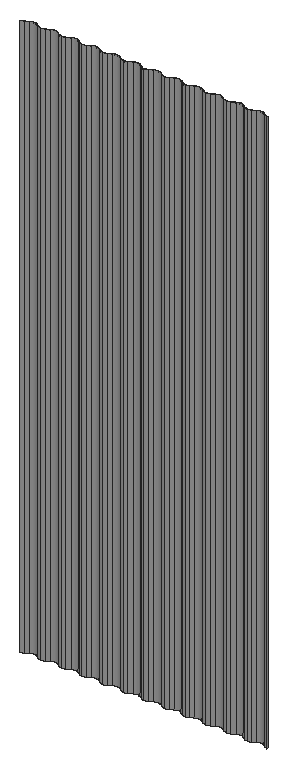
Revit family "Перфорированная панель", category Обобщенные модели, Revit 2021
Family settings
  Может служить основой для арматурных стержней = Нет
  Размер круглого соединителя = Использовать диаметр
  Тип детали = Нормальный
  На основе рабочей плоскости = Нет
  Всегда вертикально = Да
  При загрузке вырезать с полостями = Нет
  Общий = Нет
  Точка принадлежности помещению = Нет
Parameters (values of type "18 мм")
  Ширина = 1100 mm
  Т = 18 mm
  Отметка по умолчанию = 0 mm
  Материал = Перфорированный
  Высота [instance] = 2520 mm
  44мм = no
  32мм = no
  18мм = yes
Reference planes
  plane 1 "По центру (Вперед/Назад)": y = 0
  plane 2: z = 0
  plane 3 "По центру (Влево/Вправо)": x = 0
  plane 4: y = 18
  plane 5: y = 9
  plane 6 "Опора": y = 84.806
  plane 7: z = 2520
  plane 8: x = 1100
  plane 9: x = 1100
  plane 10: x = 1150
Forms (mm)
  Extrusion 1, solid, material "Перфорированный" <- "Материал", visible <- "18мм"
    sketch origin (0, 0, 0) x (1, 0, 0) y (0, 1, 0)
      loop
        line (76.158, 5.525) -> (63.536, 13.757)
        arc (63.536, 13.757) -> (46, 18.97) -> (28.464, 13.757) r 32.102
        line (28.464, 13.757) -> (15.842, 5.525)
        arc (15.842, 5.525) -> (8.263, 2.018) -> (0, 0.816) r 29
        line (0, 0.816) -> (0, -0.184)
        arc (0, -0.184) -> (8.548, 1.06) -> (16.388, 4.688) r 30
        line (16.388, 4.688) -> (29.01, 12.919)
        arc (29.01, 12.919) -> (46, 17.97) -> (62.99, 12.919) r 31.102
        line (62.99, 12.919) -> (75.612, 4.688)
        arc (75.612, 4.688) -> (83.452, 1.06) -> (92, -0.184) r 30
        arc (92, -0.184) -> (100.548, 1.06) -> (108.388, 4.688) r 30
        line (108.388, 4.688) -> (121.01, 12.919)
        arc (121.01, 12.919) -> (138, 17.97) -> (154.99, 12.919) r 31.102
        line (154.99, 12.919) -> (167.612, 4.688)
        arc (167.612, 4.688) -> (175.452, 1.06) -> (184, -0.184) r 30
        arc (184, -0.184) -> (192.548, 1.06) -> (200.388, 4.688) r 30
        line (200.388, 4.688) -> (213.01, 12.919)
        arc (213.01, 12.919) -> (230, 17.97) -> (246.99, 12.919) r 31.102
        line (246.99, 12.919) -> (259.612, 4.688)
        arc (259.612, 4.688) -> (267.452, 1.06) -> (276, -0.184) r 30
        arc (276, -0.184) -> (284.548, 1.06) -> (292.388, 4.688) r 30
        line (292.388, 4.688) -> (305.01, 12.919)
        arc (305.01, 12.919) -> (322, 17.97) -> (338.99, 12.919) r 31.102
        line (338.99, 12.919) -> (351.612, 4.688)
        arc (351.612, 4.688) -> (359.452, 1.06) -> (368, -0.184) r 30
        arc (368, -0.184) -> (376.548, 1.06) -> (384.388, 4.688) r 30
        line (384.388, 4.688) -> (397.01, 12.919)
        arc (397.01, 12.919) -> (414, 17.97) -> (430.99, 12.919) r 31.102
        line (430.99, 12.919) -> (443.612, 4.688)
        arc (443.612, 4.688) -> (451.452, 1.06) -> (460, -0.184) r 30
        arc (460, -0.184) -> (468.548, 1.06) -> (476.388, 4.688) r 30
        line (476.388, 4.688) -> (489.01, 12.919)
        arc (489.01, 12.919) -> (506, 17.97) -> (522.99, 12.919) r 31.102
        line (522.99, 12.919) -> (535.612, 4.688)
        arc (535.612, 4.688) -> (543.452, 1.06) -> (552, -0.184) r 30
        arc (552, -0.184) -> (560.548, 1.06) -> (568.388, 4.688) r 30
        line (568.388, 4.688) -> (581.01, 12.919)
        arc (581.01, 12.919) -> (598, 17.97) -> (614.99, 12.919) r 31.102
        line (614.99, 12.919) -> (627.612, 4.688)
        arc (627.612, 4.688) -> (635.452, 1.06) -> (644, -0.184) r 30
        arc (644, -0.184) -> (652.548, 1.06) -> (660.388, 4.688) r 30
        line (660.388, 4.688) -> (673.01, 12.919)
        arc (673.01, 12.919) -> (690, 17.97) -> (706.99, 12.919) r 31.102
        line (706.99, 12.919) -> (719.612, 4.688)
        arc (719.612, 4.688) -> (727.452, 1.06) -> (736, -0.184) r 30
        arc (736, -0.184) -> (744.548, 1.06) -> (752.388, 4.688) r 30
        line (752.388, 4.688) -> (765.01, 12.919)
        arc (765.01, 12.919) -> (782, 17.97) -> (798.99, 12.919) r 31.102
        line (798.99, 12.919) -> (811.612, 4.688)
        arc (811.612, 4.688) -> (819.452, 1.06) -> (828, -0.184) r 30
        arc (828, -0.184) -> (836.548, 1.06) -> (844.388, 4.688) r 30
        line (844.388, 4.688) -> (857.01, 12.919)
        arc (857.01, 12.919) -> (874, 17.97) -> (890.99, 12.919) r 31.102
        line (890.99, 12.919) -> (903.612, 4.688)
        arc (903.612, 4.688) -> (911.452, 1.06) -> (920, -0.184) r 30
        arc (920, -0.184) -> (928.548, 1.06) -> (936.388, 4.688) r 30
        line (936.388, 4.688) -> (949.01, 12.919)
        arc (949.01, 12.919) -> (966, 17.97) -> (982.99, 12.919) r 31.102
        line (982.99, 12.919) -> (995.612, 4.688)
        arc (995.612, 4.688) -> (1003.452, 1.06) -> (1012, -0.184) r 30
        arc (1012, -0.184) -> (1020.548, 1.06) -> (1028.388, 4.688) r 30
        line (1028.388, 4.688) -> (1041.01, 12.919)
        arc (1041.01, 12.919) -> (1058, 17.97) -> (1074.99, 12.919) r 31.102
        line (1074.99, 12.919) -> (1087.612, 4.688)
        arc (1087.612, 4.688) -> (1093.549, 1.695) -> (1100, 0.084) r 30
        line (1100, 0.084) -> (1100, 1.093)
        arc (1100, 1.093) -> (1093.835, 2.656) -> (1088.158, 5.525) r 29
        line (1088.158, 5.525) -> (1075.536, 13.757)
        arc (1075.536, 13.757) -> (1058, 18.97) -> (1040.464, 13.757) r 32.102
        line (1040.464, 13.757) -> (1027.842, 5.525)
        arc (1027.842, 5.525) -> (1020.263, 2.018) -> (1012, 0.816) r 29
        arc (1012, 0.816) -> (1003.737, 2.018) -> (996.158, 5.525) r 29
        line (996.158, 5.525) -> (983.536, 13.757)
        arc (983.536, 13.757) -> (966, 18.97) -> (948.464, 13.757) r 32.102
        line (948.464, 13.757) -> (935.842, 5.525)
        arc (935.842, 5.525) -> (928.263, 2.018) -> (920, 0.816) r 29
        arc (920, 0.816) -> (911.737, 2.018) -> (904.158, 5.525) r 29
        line (904.158, 5.525) -> (891.536, 13.757)
        arc (891.536, 13.757) -> (874, 18.97) -> (856.464, 13.757) r 32.102
        line (856.464, 13.757) -> (843.842, 5.525)
        arc (843.842, 5.525) -> (836.263, 2.018) -> (828, 0.816) r 29
        arc (828, 0.816) -> (819.737, 2.018) -> (812.158, 5.525) r 29
        line (812.158, 5.525) -> (799.536, 13.757)
        arc (799.536, 13.757) -> (782, 18.97) -> (764.464, 13.757) r 32.102
        line (764.464, 13.757) -> (751.842, 5.525)
        arc (751.842, 5.525) -> (744.263, 2.018) -> (736, 0.816) r 29
        arc (736, 0.816) -> (727.737, 2.018) -> (720.158, 5.525) r 29
        line (720.158, 5.525) -> (707.536, 13.757)
        arc (707.536, 13.757) -> (690, 18.97) -> (672.464, 13.757) r 32.102
        line (672.464, 13.757) -> (659.842, 5.525)
        arc (659.842, 5.525) -> (652.263, 2.018) -> (644, 0.816) r 29
        arc (644, 0.816) -> (635.737, 2.018) -> (628.158, 5.525) r 29
        line (628.158, 5.525) -> (615.536, 13.757)
        arc (615.536, 13.757) -> (598, 18.97) -> (580.464, 13.757) r 32.102
        line (580.464, 13.757) -> (567.842, 5.525)
        arc (567.842, 5.525) -> (560.263, 2.018) -> (552, 0.816) r 29
        arc (552, 0.816) -> (543.737, 2.018) -> (536.158, 5.525) r 29
        line (536.158, 5.525) -> (523.536, 13.757)
        arc (523.536, 13.757) -> (506, 18.97) -> (488.464, 13.757) r 32.102
        line (488.464, 13.757) -> (475.842, 5.525)
        arc (475.842, 5.525) -> (468.263, 2.018) -> (460, 0.816) r 29
        arc (460, 0.816) -> (451.737, 2.018) -> (444.158, 5.525) r 29
        line (444.158, 5.525) -> (431.536, 13.757)
        arc (431.536, 13.757) -> (414, 18.97) -> (396.464, 13.757) r 32.102
        line (396.464, 13.757) -> (383.842, 5.525)
        arc (383.842, 5.525) -> (376.263, 2.018) -> (368, 0.816) r 29
        arc (368, 0.816) -> (359.737, 2.018) -> (352.158, 5.525) r 29
        line (352.158, 5.525) -> (339.536, 13.757)
        arc (339.536, 13.757) -> (322, 18.97) -> (304.464, 13.757) r 32.102
        line (304.464, 13.757) -> (291.842, 5.525)
        arc (291.842, 5.525) -> (284.263, 2.018) -> (276, 0.816) r 29
        arc (276, 0.816) -> (267.737, 2.018) -> (260.158, 5.525) r 29
        line (260.158, 5.525) -> (247.536, 13.757)
        arc (247.536, 13.757) -> (230, 18.97) -> (212.464, 13.757) r 32.102
        line (212.464, 13.757) -> (199.842, 5.525)
        arc (199.842, 5.525) -> (192.263, 2.018) -> (184, 0.816) r 29
        arc (184, 0.816) -> (175.737, 2.018) -> (168.158, 5.525) r 29
        line (168.158, 5.525) -> (155.536, 13.757)
        arc (155.536, 13.757) -> (138, 18.97) -> (120.464, 13.757) r 32.102
        line (120.464, 13.757) -> (107.842, 5.525)
        arc (107.842, 5.525) -> (100.263, 2.018) -> (92, 0.816) r 29
        arc (92, 0.816) -> (83.737, 2.018) -> (76.158, 5.525) r 29
    from 0 to 2520
  Extrusion 2, void, not visible
    sketch origin (0, 84.806, 0) x (1, 0, 0) y (0, 0, 1)
      loop
        circle (1122.758, 20.908) r 15
    from 0 to 150
  Extrusion 3, void, not visible
    sketch origin (-90, 84.806, 0) x (1, 0, 0) y (0, 0, 1)
      loop
        circle (1122.758, 20.908) r 15
    from 0 to 150
  Extrusion 4, void, not visible
    sketch origin (-180, 84.806, 0) x (1, 0, 0) y (0, 0, 1)
      loop
        circle (1122.758, 20.908) r 15
    from 0 to 150
  Extrusion 5, void, not visible
    sketch origin (-270, 84.806, 0) x (1, 0, 0) y (0, 0, 1)
      loop
        circle (1122.758, 20.908) r 15
    from 0 to 150
  Extrusion 6, void, not visible
    sketch origin (-360, 84.806, 0) x (1, 0, 0) y (0, 0, 1)
      loop
        circle (1122.758, 20.908) r 15
    from 0 to 150
  Extrusion 7, void, not visible
    sketch origin (-450, 84.806, 0) x (1, 0, 0) y (0, 0, 1)
      loop
        circle (1122.758, 20.908) r 15
    from 0 to 150
  Extrusion 8, void, not visible
    sketch origin (-540, 84.806, 0) x (1, 0, 0) y (0, 0, 1)
      loop
        circle (1122.758, 20.908) r 15
    from 0 to 150
  Extrusion 9, void, not visible
    sketch origin (-630, 84.806, 0) x (1, 0, 0) y (0, 0, 1)
      loop
        circle (1122.758, 20.908) r 15
    from 0 to 150
  Extrusion 10, void, not visible
    sketch origin (-720, 84.806, 0) x (1, 0, 0) y (0, 0, 1)
      loop
        circle (1122.758, 20.908) r 15
    from 0 to 150
  Extrusion 11, void, not visible
    sketch origin (-810, 84.806, 0) x (1, 0, 0) y (0, 0, 1)
      loop
        circle (1122.758, 20.908) r 15
    from 0 to 150
  Extrusion 12, void, not visible
    sketch origin (-900, 84.806, 0) x (1, 0, 0) y (0, 0, 1)
      loop
        circle (1122.758, 20.908) r 15
    from 0 to 150
  Extrusion 13, void, not visible
    sketch origin (-990, 84.806, 0) x (1, 0, 0) y (0, 0, 1)
      loop
        circle (1122.758, 20.908) r 15
    from 0 to 150
  Extrusion 14, void, not visible
    sketch origin (-1080, 84.806, 0) x (1, 0, 0) y (0, 0, 1)
      loop
        circle (1122.758, 20.908) r 15
    from 0 to 150
  Extrusion 15, void, not visible
    sketch origin (0, 84.806, 75) x (1, 0, 0) y (0, 0, 1)
      loop
        circle (1122.758, 20.908) r 15
    from 0 to 150
  Extrusion 16, void, not visible
    sketch origin (-90, 84.806, 75) x (1, 0, 0) y (0, 0, 1)
      loop
        circle (1122.758, 20.908) r 15
    from 0 to 150
  Extrusion 17, void, not visible
    sketch origin (-180, 84.806, 75) x (1, 0, 0) y (0, 0, 1)
      loop
        circle (1122.758, 20.908) r 15
    from 0 to 150
  Extrusion 18, void, not visible
    sketch origin (-270, 84.806, 75) x (1, 0, 0) y (0, 0, 1)
      loop
        circle (1122.758, 20.908) r 15
    from 0 to 150
  Extrusion 19, void, not visible
    sketch origin (-360, 84.806, 75) x (1, 0, 0) y (0, 0, 1)
      loop
        circle (1122.758, 20.908) r 15
    from 0 to 150
  Extrusion 20, void, not visible
    sketch origin (-450, 84.806, 75) x (1, 0, 0) y (0, 0, 1)
      loop
        circle (1122.758, 20.908) r 15
    from 0 to 150
  Extrusion 21, void, not visible
    sketch origin (-540, 84.806, 75) x (1, 0, 0) y (0, 0, 1)
      loop
        circle (1122.758, 20.908) r 15
    from 0 to 150
  Extrusion 22, void, not visible
    sketch origin (-630, 84.806, 75) x (1, 0, 0) y (0, 0, 1)
      loop
        circle (1122.758, 20.908) r 15
    from 0 to 150
  Extrusion 23, void, not visible
    sketch origin (-720, 84.806, 75) x (1, 0, 0) y (0, 0, 1)
      loop
        circle (1122.758, 20.908) r 15
    from 0 to 150
  Extrusion 24, void, not visible
    sketch origin (-810, 84.806, 75) x (1, 0, 0) y (0, 0, 1)
      loop
        circle (1122.758, 20.908) r 15
    from 0 to 150
  Extrusion 25, void, not visible
    sketch origin (-900, 84.806, 75) x (1, 0, 0) y (0, 0, 1)
      loop
        circle (1122.758, 20.908) r 15
    from 0 to 150
  Extrusion 26, void, not visible
    sketch origin (-990, 84.806, 75) x (1, 0, 0) y (0, 0, 1)
      loop
        circle (1122.758, 20.908) r 15
    from 0 to 150
  Extrusion 27, void, not visible
    sketch origin (-1080, 84.806, 75) x (1, 0, 0) y (0, 0, 1)
      loop
        circle (1122.758, 20.908) r 15
    from 0 to 150
  Extrusion 28, void, not visible
    sketch origin (0, 84.806, 150) x (1, 0, 0) y (0, 0, 1)
      loop
        circle (1122.758, 20.908) r 15
    from 0 to 150
  Extrusion 29, void, not visible
    sketch origin (-90, 84.806, 150) x (1, 0, 0) y (0, 0, 1)
      loop
        circle (1122.758, 20.908) r 15
    from 0 to 150
  Extrusion 30, void, not visible
    sketch origin (-180, 84.806, 150) x (1, 0, 0) y (0, 0, 1)
      loop
        circle (1122.758, 20.908) r 15
    from 0 to 150
  Extrusion 31, void, not visible
    sketch origin (-270, 84.806, 150) x (1, 0, 0) y (0, 0, 1)
      loop
        circle (1122.758, 20.908) r 15
    from 0 to 150
  Extrusion 32, void, not visible
    sketch origin (-360, 84.806, 150) x (1, 0, 0) y (0, 0, 1)
      loop
        circle (1122.758, 20.908) r 15
    from 0 to 150
  Extrusion 33, void, not visible
    sketch origin (-450, 84.806, 150) x (1, 0, 0) y (0, 0, 1)
      loop
        circle (1122.758, 20.908) r 15
    from 0 to 150
  Extrusion 34, void, not visible
    sketch origin (-540, 84.806, 150) x (1, 0, 0) y (0, 0, 1)
      loop
        circle (1122.758, 20.908) r 15
    from 0 to 150
  Extrusion 35, void, not visible
    sketch origin (-630, 84.806, 150) x (1, 0, 0) y (0, 0, 1)
      loop
        circle (1122.758, 20.908) r 15
    from 0 to 150
  Extrusion 36, void, not visible
    sketch origin (-720, 84.806, 150) x (1, 0, 0) y (0, 0, 1)
      loop
        circle (1122.758, 20.908) r 15
    from 0 to 150
  Extrusion 37, void, not visible
    sketch origin (-810, 84.806, 150) x (1, 0, 0) y (0, 0, 1)
      loop
        circle (1122.758, 20.908) r 15
    from 0 to 150
  Extrusion 38, void, not visible
    sketch origin (-900, 84.806, 150) x (1, 0, 0) y (0, 0, 1)
      loop
        circle (1122.758, 20.908) r 15
    from 0 to 150
  Extrusion 39, void, not visible
    sketch origin (-990, 84.806, 150) x (1, 0, 0) y (0, 0, 1)
      loop
        circle (1122.758, 20.908) r 15
    from 0 to 150
  Extrusion 40, void, not visible
    sketch origin (-1080, 84.806, 150) x (1, 0, 0) y (0, 0, 1)
      loop
        circle (1122.758, 20.908) r 15
    from 0 to 150
  Extrusion 41, void, not visible
    sketch origin (0, 84.806, 225) x (1, 0, 0) y (0, 0, 1)
      loop
        circle (1122.758, 20.908) r 15
    from 0 to 150
  Extrusion 42, void, not visible
    sketch origin (-90, 84.806, 225) x (1, 0, 0) y (0, 0, 1)
      loop
        circle (1122.758, 20.908) r 15
    from 0 to 150
  Extrusion 43, void, not visible
    sketch origin (-180, 84.806, 225) x (1, 0, 0) y (0, 0, 1)
      loop
        circle (1122.758, 20.908) r 15
    from 0 to 150
  Extrusion 44, void, not visible
    sketch origin (-270, 84.806, 225) x (1, 0, 0) y (0, 0, 1)
      loop
        circle (1122.758, 20.908) r 15
    from 0 to 150
  Extrusion 45, void, not visible
    sketch origin (-360, 84.806, 225) x (1, 0, 0) y (0, 0, 1)
      loop
        circle (1122.758, 20.908) r 15
    from 0 to 150
  Extrusion 46, void, not visible
    sketch origin (-450, 84.806, 225) x (1, 0, 0) y (0, 0, 1)
      loop
        circle (1122.758, 20.908) r 15
    from 0 to 150
  Extrusion 47, void, not visible
    sketch origin (-540, 84.806, 225) x (1, 0, 0) y (0, 0, 1)
      loop
        circle (1122.758, 20.908) r 15
    from 0 to 150
  Extrusion 48, void, not visible
    sketch origin (-630, 84.806, 225) x (1, 0, 0) y (0, 0, 1)
      loop
        circle (1122.758, 20.908) r 15
    from 0 to 150
  Extrusion 49, void, not visible
    sketch origin (-720, 84.806, 225) x (1, 0, 0) y (0, 0, 1)
      loop
        circle (1122.758, 20.908) r 15
    from 0 to 150
  Extrusion 50, void, not visible
    sketch origin (-810, 84.806, 225) x (1, 0, 0) y (0, 0, 1)
      loop
        circle (1122.758, 20.908) r 15
    from 0 to 150
  Extrusion 51, void, not visible
    sketch origin (-900, 84.806, 225) x (1, 0, 0) y (0, 0, 1)
      loop
        circle (1122.758, 20.908) r 15
    from 0 to 150
  Extrusion 52, void, not visible
    sketch origin (-990, 84.806, 225) x (1, 0, 0) y (0, 0, 1)
      loop
        circle (1122.758, 20.908) r 15
    from 0 to 150
  Extrusion 53, void, not visible
    sketch origin (-1080, 84.806, 225) x (1, 0, 0) y (0, 0, 1)
      loop
        circle (1122.758, 20.908) r 15
    from 0 to 150
  Extrusion 54, void, not visible
    sketch origin (0, 84.806, 300) x (1, 0, 0) y (0, 0, 1)
      loop
        circle (1122.758, 20.908) r 15
    from 0 to 150
  Extrusion 55, void, not visible
    sketch origin (-90, 84.806, 300) x (1, 0, 0) y (0, 0, 1)
      loop
        circle (1122.758, 20.908) r 15
    from 0 to 150
  Extrusion 56, void, not visible
    sketch origin (-180, 84.806, 300) x (1, 0, 0) y (0, 0, 1)
      loop
        circle (1122.758, 20.908) r 15
    from 0 to 150
  Extrusion 57, void, not visible
    sketch origin (-270, 84.806, 300) x (1, 0, 0) y (0, 0, 1)
      loop
        circle (1122.758, 20.908) r 15
    from 0 to 150
  Extrusion 58, void, not visible
    sketch origin (-360, 84.806, 300) x (1, 0, 0) y (0, 0, 1)
      loop
        circle (1122.758, 20.908) r 15
    from 0 to 150
  Extrusion 59, void, not visible
    sketch origin (-450, 84.806, 300) x (1, 0, 0) y (0, 0, 1)
      loop
        circle (1122.758, 20.908) r 15
    from 0 to 150
  Extrusion 60, void, not visible
    sketch origin (-540, 84.806, 300) x (1, 0, 0) y (0, 0, 1)
      loop
        circle (1122.758, 20.908) r 15
    from 0 to 150
  Extrusion 61, void, not visible
    sketch origin (-630, 84.806, 300) x (1, 0, 0) y (0, 0, 1)
      loop
        circle (1122.758, 20.908) r 15
    from 0 to 150
  Extrusion 62, void, not visible
    sketch origin (-720, 84.806, 300) x (1, 0, 0) y (0, 0, 1)
      loop
        circle (1122.758, 20.908) r 15
    from 0 to 150
  Extrusion 63, void, not visible
    sketch origin (-810, 84.806, 300) x (1, 0, 0) y (0, 0, 1)
      loop
        circle (1122.758, 20.908) r 15
    from 0 to 150
  Extrusion 64, void, not visible
    sketch origin (-900, 84.806, 300) x (1, 0, 0) y (0, 0, 1)
      loop
        circle (1122.758, 20.908) r 15
    from 0 to 150
  Extrusion 65, void, not visible
    sketch origin (-990, 84.806, 300) x (1, 0, 0) y (0, 0, 1)
      loop
        circle (1122.758, 20.908) r 15
    from 0 to 150
  Extrusion 66, void, not visible
    sketch origin (-1080, 84.806, 300) x (1, 0, 0) y (0, 0, 1)
      loop
        circle (1122.758, 20.908) r 15
    from 0 to 150
  Extrusion 67, void, not visible
    sketch origin (0, 84.806, 375) x (1, 0, 0) y (0, 0, 1)
      loop
        circle (1122.758, 20.908) r 15
    from 0 to 150
  Extrusion 68, void, not visible
    sketch origin (-90, 84.806, 375) x (1, 0, 0) y (0, 0, 1)
      loop
        circle (1122.758, 20.908) r 15
    from 0 to 150
  Extrusion 69, void, not visible
    sketch origin (-180, 84.806, 375) x (1, 0, 0) y (0, 0, 1)
      loop
        circle (1122.758, 20.908) r 15
    from 0 to 150
  Extrusion 70, void, not visible
    sketch origin (-270, 84.806, 375) x (1, 0, 0) y (0, 0, 1)
      loop
        circle (1122.758, 20.908) r 15
    from 0 to 150
  Extrusion 71, void, not visible
    sketch origin (-360, 84.806, 375) x (1, 0, 0) y (0, 0, 1)
      loop
        circle (1122.758, 20.908) r 15
    from 0 to 150
  Extrusion 72, void, not visible
    sketch origin (-450, 84.806, 375) x (1, 0, 0) y (0, 0, 1)
      loop
        circle (1122.758, 20.908) r 15
    from 0 to 150
  Extrusion 73, void, not visible
    sketch origin (-540, 84.806, 375) x (1, 0, 0) y (0, 0, 1)
      loop
        circle (1122.758, 20.908) r 15
    from 0 to 150
  Extrusion 74, void, not visible
    sketch origin (-630, 84.806, 375) x (1, 0, 0) y (0, 0, 1)
      loop
        circle (1122.758, 20.908) r 15
    from 0 to 150
  Extrusion 75, void, not visible
    sketch origin (-720, 84.806, 375) x (1, 0, 0) y (0, 0, 1)
      loop
        circle (1122.758, 20.908) r 15
    from 0 to 150
  Extrusion 76, void, not visible
    sketch origin (-810, 84.806, 375) x (1, 0, 0) y (0, 0, 1)
      loop
        circle (1122.758, 20.908) r 15
    from 0 to 150
  Extrusion 77, void, not visible
    sketch origin (-900, 84.806, 375) x (1, 0, 0) y (0, 0, 1)
      loop
        circle (1122.758, 20.908) r 15
    from 0 to 150
  Extrusion 78, void, not visible
    sketch origin (-990, 84.806, 375) x (1, 0, 0) y (0, 0, 1)
      loop
        circle (1122.758, 20.908) r 15
    from 0 to 150
  Extrusion 79, void, not visible
    sketch origin (-1080, 84.806, 375) x (1, 0, 0) y (0, 0, 1)
      loop
        circle (1122.758, 20.908) r 15
    from 0 to 150
  Extrusion 80, void, not visible
    sketch origin (0, 84.806, 450) x (1, 0, 0) y (0, 0, 1)
      loop
        circle (1122.758, 20.908) r 15
    from 0 to 150
  Extrusion 81, void, not visible
    sketch origin (-90, 84.806, 450) x (1, 0, 0) y (0, 0, 1)
      loop
        circle (1122.758, 20.908) r 15
    from 0 to 150
  Extrusion 82, void, not visible
    sketch origin (-180, 84.806, 450) x (1, 0, 0) y (0, 0, 1)
      loop
        circle (1122.758, 20.908) r 15
    from 0 to 150
  Extrusion 83, void, not visible
    sketch origin (-270, 84.806, 450) x (1, 0, 0) y (0, 0, 1)
      loop
        circle (1122.758, 20.908) r 15
    from 0 to 150
  Extrusion 84, void, not visible
    sketch origin (-360, 84.806, 450) x (1, 0, 0) y (0, 0, 1)
      loop
        circle (1122.758, 20.908) r 15
    from 0 to 150
  Extrusion 85, void, not visible
    sketch origin (-450, 84.806, 450) x (1, 0, 0) y (0, 0, 1)
      loop
        circle (1122.758, 20.908) r 15
    from 0 to 150
  Extrusion 86, void, not visible
    sketch origin (-540, 84.806, 450) x (1, 0, 0) y (0, 0, 1)
      loop
        circle (1122.758, 20.908) r 15
    from 0 to 150
  Extrusion 87, void, not visible
    sketch origin (-630, 84.806, 450) x (1, 0, 0) y (0, 0, 1)
      loop
        circle (1122.758, 20.908) r 15
    from 0 to 150
  Extrusion 88, void, not visible
    sketch origin (-720, 84.806, 450) x (1, 0, 0) y (0, 0, 1)
      loop
        circle (1122.758, 20.908) r 15
    from 0 to 150
  Extrusion 89, void, not visible
    sketch origin (-810, 84.806, 450) x (1, 0, 0) y (0, 0, 1)
      loop
        circle (1122.758, 20.908) r 15
    from 0 to 150
  Extrusion 90, void, not visible
    sketch origin (-900, 84.806, 450) x (1, 0, 0) y (0, 0, 1)
      loop
        circle (1122.758, 20.908) r 15
    from 0 to 150
  Extrusion 91, void, not visible
    sketch origin (-990, 84.806, 450) x (1, 0, 0) y (0, 0, 1)
      loop
        circle (1122.758, 20.908) r 15
    from 0 to 150
  Extrusion 92, void, not visible
    sketch origin (-1080, 84.806, 450) x (1, 0, 0) y (0, 0, 1)
      loop
        circle (1122.758, 20.908) r 15
    from 0 to 150
  Extrusion 93, void, not visible
    sketch origin (0, 84.806, 525) x (1, 0, 0) y (0, 0, 1)
      loop
        circle (1122.758, 20.908) r 15
    from 0 to 150
  Extrusion 94, void, not visible
    sketch origin (-90, 84.806, 525) x (1, 0, 0) y (0, 0, 1)
      loop
        circle (1122.758, 20.908) r 15
    from 0 to 150
  Extrusion 95, void, not visible
    sketch origin (-180, 84.806, 525) x (1, 0, 0) y (0, 0, 1)
      loop
        circle (1122.758, 20.908) r 15
    from 0 to 150
  Extrusion 96, void, not visible
    sketch origin (-270, 84.806, 525) x (1, 0, 0) y (0, 0, 1)
      loop
        circle (1122.758, 20.908) r 15
    from 0 to 150
  Extrusion 97, void, not visible
    sketch origin (-360, 84.806, 525) x (1, 0, 0) y (0, 0, 1)
      loop
        circle (1122.758, 20.908) r 15
    from 0 to 150
  Extrusion 98, void, not visible
    sketch origin (-450, 84.806, 525) x (1, 0, 0) y (0, 0, 1)
      loop
        circle (1122.758, 20.908) r 15
    from 0 to 150
  Extrusion 99, void, not visible
    sketch origin (-540, 84.806, 525) x (1, 0, 0) y (0, 0, 1)
      loop
        circle (1122.758, 20.908) r 15
    from 0 to 150
  Extrusion 100, void, not visible
    sketch origin (-630, 84.806, 525) x (1, 0, 0) y (0, 0, 1)
      loop
        circle (1122.758, 20.908) r 15
    from 0 to 150
  Extrusion 101, void, not visible
    sketch origin (-720, 84.806, 525) x (1, 0, 0) y (0, 0, 1)
      loop
        circle (1122.758, 20.908) r 15
    from 0 to 150
  Extrusion 102, void, not visible
    sketch origin (-810, 84.806, 525) x (1, 0, 0) y (0, 0, 1)
      loop
        circle (1122.758, 20.908) r 15
    from 0 to 150
  Extrusion 103, void, not visible
    sketch origin (-900, 84.806, 525) x (1, 0, 0) y (0, 0, 1)
      loop
        circle (1122.758, 20.908) r 15
    from 0 to 150
  Extrusion 104, void, not visible
    sketch origin (-990, 84.806, 525) x (1, 0, 0) y (0, 0, 1)
      loop
        circle (1122.758, 20.908) r 15
    from 0 to 150
  Extrusion 105, void, not visible
    sketch origin (-1080, 84.806, 525) x (1, 0, 0) y (0, 0, 1)
      loop
        circle (1122.758, 20.908) r 15
    from 0 to 150
  Extrusion 106, void, not visible
    sketch origin (0, 84.806, 600) x (1, 0, 0) y (0, 0, 1)
      loop
        circle (1122.758, 20.908) r 15
    from 0 to 150
  Extrusion 107, void, not visible
    sketch origin (-90, 84.806, 600) x (1, 0, 0) y (0, 0, 1)
      loop
        circle (1122.758, 20.908) r 15
    from 0 to 150
  Extrusion 108, void, not visible
    sketch origin (-180, 84.806, 600) x (1, 0, 0) y (0, 0, 1)
      loop
        circle (1122.758, 20.908) r 15
    from 0 to 150
  Extrusion 109, void, not visible
    sketch origin (-270, 84.806, 600) x (1, 0, 0) y (0, 0, 1)
      loop
        circle (1122.758, 20.908) r 15
    from 0 to 150
  Extrusion 110, void, not visible
    sketch origin (-360, 84.806, 600) x (1, 0, 0) y (0, 0, 1)
      loop
        circle (1122.758, 20.908) r 15
    from 0 to 150
  Extrusion 111, void, not visible
    sketch origin (-450, 84.806, 600) x (1, 0, 0) y (0, 0, 1)
      loop
        circle (1122.758, 20.908) r 15
    from 0 to 150
  Extrusion 112, void, not visible
    sketch origin (-540, 84.806, 600) x (1, 0, 0) y (0, 0, 1)
      loop
        circle (1122.758, 20.908) r 15
    from 0 to 150
  Extrusion 113, void, not visible
    sketch origin (-630, 84.806, 600) x (1, 0, 0) y (0, 0, 1)
      loop
        circle (1122.758, 20.908) r 15
    from 0 to 150
  Extrusion 114, void, not visible
    sketch origin (-720, 84.806, 600) x (1, 0, 0) y (0, 0, 1)
      loop
        circle (1122.758, 20.908) r 15
    from 0 to 150
  Extrusion 115, void, not visible
    sketch origin (-810, 84.806, 600) x (1, 0, 0) y (0, 0, 1)
      loop
        circle (1122.758, 20.908) r 15
    from 0 to 150
  Extrusion 116, void, not visible
    sketch origin (-900, 84.806, 600) x (1, 0, 0) y (0, 0, 1)
      loop
        circle (1122.758, 20.908) r 15
    from 0 to 150
  Extrusion 117, void, not visible
    sketch origin (-990, 84.806, 600) x (1, 0, 0) y (0, 0, 1)
      loop
        circle (1122.758, 20.908) r 15
    from 0 to 150
  Extrusion 118, void, not visible
    sketch origin (-1080, 84.806, 600) x (1, 0, 0) y (0, 0, 1)
      loop
        circle (1122.758, 20.908) r 15
    from 0 to 150
  Extrusion 119, void, not visible
    sketch origin (0, 84.806, 675) x (1, 0, 0) y (0, 0, 1)
      loop
        circle (1122.758, 20.908) r 15
    from 0 to 150
  Extrusion 120, void, not visible
    sketch origin (-90, 84.806, 675) x (1, 0, 0) y (0, 0, 1)
      loop
        circle (1122.758, 20.908) r 15
    from 0 to 150
  Extrusion 121, void, not visible
    sketch origin (-180, 84.806, 675) x (1, 0, 0) y (0, 0, 1)
      loop
        circle (1122.758, 20.908) r 15
    from 0 to 150
  Extrusion 122, void, not visible
    sketch origin (-270, 84.806, 675) x (1, 0, 0) y (0, 0, 1)
      loop
        circle (1122.758, 20.908) r 15
    from 0 to 150
  Extrusion 123, void, not visible
    sketch origin (-360, 84.806, 675) x (1, 0, 0) y (0, 0, 1)
      loop
        circle (1122.758, 20.908) r 15
    from 0 to 150
  Extrusion 124, void, not visible
    sketch origin (-450, 84.806, 675) x (1, 0, 0) y (0, 0, 1)
      loop
        circle (1122.758, 20.908) r 15
    from 0 to 150
  Extrusion 125, void, not visible
    sketch origin (-540, 84.806, 675) x (1, 0, 0) y (0, 0, 1)
      loop
        circle (1122.758, 20.908) r 15
    from 0 to 150
  Extrusion 126, void, not visible
    sketch origin (-630, 84.806, 675) x (1, 0, 0) y (0, 0, 1)
      loop
        circle (1122.758, 20.908) r 15
    from 0 to 150
  Extrusion 127, void, not visible
    sketch origin (-720, 84.806, 675) x (1, 0, 0) y (0, 0, 1)
      loop
        circle (1122.758, 20.908) r 15
    from 0 to 150
  Extrusion 128, void, not visible
    sketch origin (-810, 84.806, 675) x (1, 0, 0) y (0, 0, 1)
      loop
        circle (1122.758, 20.908) r 15
    from 0 to 150
  Extrusion 129, void, not visible
    sketch origin (-900, 84.806, 675) x (1, 0, 0) y (0, 0, 1)
      loop
        circle (1122.758, 20.908) r 15
    from 0 to 150
  Extrusion 130, void, not visible
    sketch origin (-990, 84.806, 675) x (1, 0, 0) y (0, 0, 1)
      loop
        circle (1122.758, 20.908) r 15
    from 0 to 150
  Extrusion 131, void, not visible
    sketch origin (-1080, 84.806, 675) x (1, 0, 0) y (0, 0, 1)
      loop
        circle (1122.758, 20.908) r 15
    from 0 to 150
  Extrusion 132, void, not visible
    sketch origin (0, 84.806, 750) x (1, 0, 0) y (0, 0, 1)
      loop
        circle (1122.758, 20.908) r 15
    from 0 to 150
  Extrusion 133, void, not visible
    sketch origin (-90, 84.806, 750) x (1, 0, 0) y (0, 0, 1)
      loop
        circle (1122.758, 20.908) r 15
    from 0 to 150
  Extrusion 134, void, not visible
    sketch origin (-180, 84.806, 750) x (1, 0, 0) y (0, 0, 1)
      loop
        circle (1122.758, 20.908) r 15
    from 0 to 150
  Extrusion 135, void, not visible
    sketch origin (-270, 84.806, 750) x (1, 0, 0) y (0, 0, 1)
      loop
        circle (1122.758, 20.908) r 15
    from 0 to 150
  Extrusion 136, void, not visible
    sketch origin (-360, 84.806, 750) x (1, 0, 0) y (0, 0, 1)
      loop
        circle (1122.758, 20.908) r 15
    from 0 to 150
  Extrusion 137, void, not visible
    sketch origin (-450, 84.806, 750) x (1, 0, 0) y (0, 0, 1)
      loop
        circle (1122.758, 20.908) r 15
    from 0 to 150
  Extrusion 138, void, not visible
    sketch origin (-540, 84.806, 750) x (1, 0, 0) y (0, 0, 1)
      loop
        circle (1122.758, 20.908) r 15
    from 0 to 150
  Extrusion 139, void, not visible
    sketch origin (-630, 84.806, 750) x (1, 0, 0) y (0, 0, 1)
      loop
        circle (1122.758, 20.908) r 15
    from 0 to 150
  Extrusion 140, void, not visible
    sketch origin (-720, 84.806, 750) x (1, 0, 0) y (0, 0, 1)
      loop
        circle (1122.758, 20.908) r 15
    from 0 to 150
  Extrusion 141, void, not visible
    sketch origin (-810, 84.806, 750) x (1, 0, 0) y (0, 0, 1)
      loop
        circle (1122.758, 20.908) r 15
    from 0 to 150
  Extrusion 142, void, not visible
    sketch origin (-900, 84.806, 750) x (1, 0, 0) y (0, 0, 1)
      loop
        circle (1122.758, 20.908) r 15
    from 0 to 150
  Extrusion 143, void, not visible
    sketch origin (-990, 84.806, 750) x (1, 0, 0) y (0, 0, 1)
      loop
        circle (1122.758, 20.908) r 15
    from 0 to 150
  Extrusion 144, void, not visible
    sketch origin (-1080, 84.806, 750) x (1, 0, 0) y (0, 0, 1)
      loop
        circle (1122.758, 20.908) r 15
    from 0 to 150
  Extrusion 145, void, not visible
    sketch origin (0, 84.806, 825) x (1, 0, 0) y (0, 0, 1)
      loop
        circle (1122.758, 20.908) r 15
    from 0 to 150
  Extrusion 146, void, not visible
    sketch origin (-90, 84.806, 825) x (1, 0, 0) y (0, 0, 1)
      loop
        circle (1122.758, 20.908) r 15
    from 0 to 150
  Extrusion 147, void, not visible
    sketch origin (-180, 84.806, 825) x (1, 0, 0) y (0, 0, 1)
      loop
        circle (1122.758, 20.908) r 15
    from 0 to 150
  Extrusion 148, void, not visible
    sketch origin (-270, 84.806, 825) x (1, 0, 0) y (0, 0, 1)
      loop
        circle (1122.758, 20.908) r 15
    from 0 to 150
  Extrusion 149, void, not visible
    sketch origin (-360, 84.806, 825) x (1, 0, 0) y (0, 0, 1)
      loop
        circle (1122.758, 20.908) r 15
    from 0 to 150
  Extrusion 150, void, not visible
    sketch origin (-450, 84.806, 825) x (1, 0, 0) y (0, 0, 1)
      loop
        circle (1122.758, 20.908) r 15
    from 0 to 150
  Extrusion 151, void, not visible
    sketch origin (-540, 84.806, 825) x (1, 0, 0) y (0, 0, 1)
      loop
        circle (1122.758, 20.908) r 15
    from 0 to 150
  Extrusion 152, void, not visible
    sketch origin (-630, 84.806, 825) x (1, 0, 0) y (0, 0, 1)
      loop
        circle (1122.758, 20.908) r 15
    from 0 to 150
  Extrusion 153, void, not visible
    sketch origin (-720, 84.806, 825) x (1, 0, 0) y (0, 0, 1)
      loop
        circle (1122.758, 20.908) r 15
    from 0 to 150
  Extrusion 154, void, not visible
    sketch origin (-810, 84.806, 825) x (1, 0, 0) y (0, 0, 1)
      loop
        circle (1122.758, 20.908) r 15
    from 0 to 150
  Extrusion 155, void, not visible
    sketch origin (-900, 84.806, 825) x (1, 0, 0) y (0, 0, 1)
      loop
        circle (1122.758, 20.908) r 15
    from 0 to 150
  Extrusion 156, void, not visible
    sketch origin (-990, 84.806, 825) x (1, 0, 0) y (0, 0, 1)
      loop
        circle (1122.758, 20.908) r 15
    from 0 to 150
  Extrusion 157, void, not visible
    sketch origin (-1080, 84.806, 825) x (1, 0, 0) y (0, 0, 1)
      loop
        circle (1122.758, 20.908) r 15
    from 0 to 150
  Extrusion 158, void, not visible
    sketch origin (0, 84.806, 900) x (1, 0, 0) y (0, 0, 1)
      loop
        circle (1122.758, 20.908) r 15
    from 0 to 150
  Extrusion 159, void, not visible
    sketch origin (-90, 84.806, 900) x (1, 0, 0) y (0, 0, 1)
      loop
        circle (1122.758, 20.908) r 15
    from 0 to 150
  Extrusion 160, void, not visible
    sketch origin (-180, 84.806, 900) x (1, 0, 0) y (0, 0, 1)
      loop
        circle (1122.758, 20.908) r 15
    from 0 to 150
  Extrusion 161, void, not visible
    sketch origin (-270, 84.806, 900) x (1, 0, 0) y (0, 0, 1)
      loop
        circle (1122.758, 20.908) r 15
    from 0 to 150
  Extrusion 162, void, not visible
    sketch origin (-360, 84.806, 900) x (1, 0, 0) y (0, 0, 1)
      loop
        circle (1122.758, 20.908) r 15
    from 0 to 150
  Extrusion 163, void, not visible
    sketch origin (-450, 84.806, 900) x (1, 0, 0) y (0, 0, 1)
      loop
        circle (1122.758, 20.908) r 15
    from 0 to 150
  Extrusion 164, void, not visible
    sketch origin (-540, 84.806, 900) x (1, 0, 0) y (0, 0, 1)
      loop
        circle (1122.758, 20.908) r 15
    from 0 to 150
  Extrusion 165, void, not visible
    sketch origin (-630, 84.806, 900) x (1, 0, 0) y (0, 0, 1)
      loop
        circle (1122.758, 20.908) r 15
    from 0 to 150
  Extrusion 166, void, not visible
    sketch origin (-720, 84.806, 900) x (1, 0, 0) y (0, 0, 1)
      loop
        circle (1122.758, 20.908) r 15
    from 0 to 150
  Extrusion 167, void, not visible
    sketch origin (-810, 84.806, 900) x (1, 0, 0) y (0, 0, 1)
      loop
        circle (1122.758, 20.908) r 15
    from 0 to 150
  Extrusion 168, void, not visible
    sketch origin (-900, 84.806, 900) x (1, 0, 0) y (0, 0, 1)
      loop
        circle (1122.758, 20.908) r 15
    from 0 to 150
  Extrusion 169, void, not visible
    sketch origin (-990, 84.806, 900) x (1, 0, 0) y (0, 0, 1)
      loop
        circle (1122.758, 20.908) r 15
    from 0 to 150
  Extrusion 170, void, not visible
    sketch origin (-1080, 84.806, 900) x (1, 0, 0) y (0, 0, 1)
      loop
        circle (1122.758, 20.908) r 15
    from 0 to 150
  Extrusion 171, void, not visible
    sketch origin (0, 84.806, 975) x (1, 0, 0) y (0, 0, 1)
      loop
        circle (1122.758, 20.908) r 15
    from 0 to 150
  Extrusion 172, void, not visible
    sketch origin (-90, 84.806, 975) x (1, 0, 0) y (0, 0, 1)
      loop
        circle (1122.758, 20.908) r 15
    from 0 to 150
  Extrusion 173, void, not visible
    sketch origin (-180, 84.806, 975) x (1, 0, 0) y (0, 0, 1)
      loop
        circle (1122.758, 20.908) r 15
    from 0 to 150
  Extrusion 174, void, not visible
    sketch origin (-270, 84.806, 975) x (1, 0, 0) y (0, 0, 1)
      loop
        circle (1122.758, 20.908) r 15
    from 0 to 150
  Extrusion 175, void, not visible
    sketch origin (-360, 84.806, 975) x (1, 0, 0) y (0, 0, 1)
      loop
        circle (1122.758, 20.908) r 15
    from 0 to 150
  Extrusion 176, void, not visible
    sketch origin (-450, 84.806, 975) x (1, 0, 0) y (0, 0, 1)
      loop
        circle (1122.758, 20.908) r 15
    from 0 to 150
  Extrusion 177, void, not visible
    sketch origin (-540, 84.806, 975) x (1, 0, 0) y (0, 0, 1)
      loop
        circle (1122.758, 20.908) r 15
    from 0 to 150
  Extrusion 178, void, not visible
    sketch origin (-630, 84.806, 975) x (1, 0, 0) y (0, 0, 1)
      loop
        circle (1122.758, 20.908) r 15
    from 0 to 150
  Extrusion 179, void, not visible
    sketch origin (-720, 84.806, 975) x (1, 0, 0) y (0, 0, 1)
      loop
        circle (1122.758, 20.908) r 15
    from 0 to 150
  Extrusion 180, void, not visible
    sketch origin (-810, 84.806, 975) x (1, 0, 0) y (0, 0, 1)
      loop
        circle (1122.758, 20.908) r 15
    from 0 to 150
  Extrusion 181, void, not visible
    sketch origin (-900, 84.806, 975) x (1, 0, 0) y (0, 0, 1)
      loop
        circle (1122.758, 20.908) r 15
    from 0 to 150
  Extrusion 182, void, not visible
    sketch origin (-990, 84.806, 975) x (1, 0, 0) y (0, 0, 1)
      loop
        circle (1122.758, 20.908) r 15
    from 0 to 150
  Extrusion 183, void, not visible
    sketch origin (-1080, 84.806, 975) x (1, 0, 0) y (0, 0, 1)
      loop
        circle (1122.758, 20.908) r 15
    from 0 to 150
  Extrusion 184, void, not visible
    sketch origin (0, 84.806, 1050) x (1, 0, 0) y (0, 0, 1)
      loop
        circle (1122.758, 20.908) r 15
    from 0 to 150
  Extrusion 185, void, not visible
    sketch origin (-90, 84.806, 1050) x (1, 0, 0) y (0, 0, 1)
      loop
        circle (1122.758, 20.908) r 15
    from 0 to 150
  Extrusion 186, void, not visible
    sketch origin (-180, 84.806, 1050) x (1, 0, 0) y (0, 0, 1)
      loop
        circle (1122.758, 20.908) r 15
    from 0 to 150
  Extrusion 187, void, not visible
    sketch origin (-270, 84.806, 1050) x (1, 0, 0) y (0, 0, 1)
      loop
        circle (1122.758, 20.908) r 15
    from 0 to 150
  Extrusion 188, void, not visible
    sketch origin (-360, 84.806, 1050) x (1, 0, 0) y (0, 0, 1)
      loop
        circle (1122.758, 20.908) r 15
    from 0 to 150
  Extrusion 189, void, not visible
    sketch origin (-450, 84.806, 1050) x (1, 0, 0) y (0, 0, 1)
      loop
        circle (1122.758, 20.908) r 15
    from 0 to 150
  Extrusion 190, void, not visible
    sketch origin (-540, 84.806, 1050) x (1, 0, 0) y (0, 0, 1)
      loop
        circle (1122.758, 20.908) r 15
    from 0 to 150
  Extrusion 191, void, not visible
    sketch origin (-630, 84.806, 1050) x (1, 0, 0) y (0, 0, 1)
      loop
        circle (1122.758, 20.908) r 15
    from 0 to 150
  Extrusion 192, void, not visible
    sketch origin (-720, 84.806, 1050) x (1, 0, 0) y (0, 0, 1)
      loop
        circle (1122.758, 20.908) r 15
    from 0 to 150
  Extrusion 193, void, not visible
    sketch origin (-810, 84.806, 1050) x (1, 0, 0) y (0, 0, 1)
      loop
        circle (1122.758, 20.908) r 15
    from 0 to 150
  Extrusion 194, void, not visible
    sketch origin (-900, 84.806, 1050) x (1, 0, 0) y (0, 0, 1)
      loop
        circle (1122.758, 20.908) r 15
    from 0 to 150
  Extrusion 195, void, not visible
    sketch origin (-990, 84.806, 1050) x (1, 0, 0) y (0, 0, 1)
      loop
        circle (1122.758, 20.908) r 15
    from 0 to 150
  Extrusion 196, void, not visible
    sketch origin (-1080, 84.806, 1050) x (1, 0, 0) y (0, 0, 1)
      loop
        circle (1122.758, 20.908) r 15
    from 0 to 150
  Extrusion 197, void, not visible
    sketch origin (0, 84.806, 1125) x (1, 0, 0) y (0, 0, 1)
      loop
        circle (1122.758, 20.908) r 15
    from 0 to 150
  Extrusion 198, void, not visible
    sketch origin (-90, 84.806, 1125) x (1, 0, 0) y (0, 0, 1)
      loop
        circle (1122.758, 20.908) r 15
    from 0 to 150
  Extrusion 199, void, not visible
    sketch origin (-180, 84.806, 1125) x (1, 0, 0) y (0, 0, 1)
      loop
        circle (1122.758, 20.908) r 15
    from 0 to 150
  Extrusion 200, void, not visible
    sketch origin (-270, 84.806, 1125) x (1, 0, 0) y (0, 0, 1)
      loop
        circle (1122.758, 20.908) r 15
    from 0 to 150
  Extrusion 201, void, not visible
    sketch origin (-360, 84.806, 1125) x (1, 0, 0) y (0, 0, 1)
      loop
        circle (1122.758, 20.908) r 15
    from 0 to 150
  Extrusion 202, void, not visible
    sketch origin (-450, 84.806, 1125) x (1, 0, 0) y (0, 0, 1)
      loop
        circle (1122.758, 20.908) r 15
    from 0 to 150
  Extrusion 203, void, not visible
    sketch origin (-540, 84.806, 1125) x (1, 0, 0) y (0, 0, 1)
      loop
        circle (1122.758, 20.908) r 15
    from 0 to 150
  Extrusion 204, void, not visible
    sketch origin (-630, 84.806, 1125) x (1, 0, 0) y (0, 0, 1)
      loop
        circle (1122.758, 20.908) r 15
    from 0 to 150
  Extrusion 205, void, not visible
    sketch origin (-720, 84.806, 1125) x (1, 0, 0) y (0, 0, 1)
      loop
        circle (1122.758, 20.908) r 15
    from 0 to 150
  Extrusion 206, void, not visible
    sketch origin (-810, 84.806, 1125) x (1, 0, 0) y (0, 0, 1)
      loop
        circle (1122.758, 20.908) r 15
    from 0 to 150
  Extrusion 207, void, not visible
    sketch origin (-900, 84.806, 1125) x (1, 0, 0) y (0, 0, 1)
      loop
        circle (1122.758, 20.908) r 15
    from 0 to 150
  Extrusion 208, void, not visible
    sketch origin (-990, 84.806, 1125) x (1, 0, 0) y (0, 0, 1)
      loop
        circle (1122.758, 20.908) r 15
    from 0 to 150
  Extrusion 209, void, not visible
    sketch origin (-1080, 84.806, 1125) x (1, 0, 0) y (0, 0, 1)
      loop
        circle (1122.758, 20.908) r 15
    from 0 to 150
  Extrusion 210, void, not visible
    sketch origin (0, 84.806, 1200) x (1, 0, 0) y (0, 0, 1)
      loop
        circle (1122.758, 20.908) r 15
    from 0 to 150
  Extrusion 211, void, not visible
    sketch origin (-90, 84.806, 1200) x (1, 0, 0) y (0, 0, 1)
      loop
        circle (1122.758, 20.908) r 15
    from 0 to 150
  Extrusion 212, void, not visible
    sketch origin (-180, 84.806, 1200) x (1, 0, 0) y (0, 0, 1)
      loop
        circle (1122.758, 20.908) r 15
    from 0 to 150
  Extrusion 213, void, not visible
    sketch origin (-270, 84.806, 1200) x (1, 0, 0) y (0, 0, 1)
      loop
        circle (1122.758, 20.908) r 15
    from 0 to 150
  Extrusion 214, void, not visible
    sketch origin (-360, 84.806, 1200) x (1, 0, 0) y (0, 0, 1)
      loop
        circle (1122.758, 20.908) r 15
    from 0 to 150
  Extrusion 215, void, not visible
    sketch origin (-450, 84.806, 1200) x (1, 0, 0) y (0, 0, 1)
      loop
        circle (1122.758, 20.908) r 15
    from 0 to 150
  Extrusion 216, void, not visible
    sketch origin (-540, 84.806, 1200) x (1, 0, 0) y (0, 0, 1)
      loop
        circle (1122.758, 20.908) r 15
    from 0 to 150
  Extrusion 217, void, not visible
    sketch origin (-630, 84.806, 1200) x (1, 0, 0) y (0, 0, 1)
      loop
        circle (1122.758, 20.908) r 15
    from 0 to 150
  Extrusion 218, void, not visible
    sketch origin (-720, 84.806, 1200) x (1, 0, 0) y (0, 0, 1)
      loop
        circle (1122.758, 20.908) r 15
    from 0 to 150
  Extrusion 219, void, not visible
    sketch origin (-810, 84.806, 1200) x (1, 0, 0) y (0, 0, 1)
      loop
        circle (1122.758, 20.908) r 15
    from 0 to 150
  Extrusion 220, void, not visible
    sketch origin (-900, 84.806, 1200) x (1, 0, 0) y (0, 0, 1)
      loop
        circle (1122.758, 20.908) r 15
    from 0 to 150
  Extrusion 221, void, not visible
    sketch origin (-990, 84.806, 1200) x (1, 0, 0) y (0, 0, 1)
      loop
        circle (1122.758, 20.908) r 15
    from 0 to 150
  Extrusion 222, void, not visible
    sketch origin (-1080, 84.806, 1200) x (1, 0, 0) y (0, 0, 1)
      loop
        circle (1122.758, 20.908) r 15
    from 0 to 150
  Extrusion 223, void, not visible
    sketch origin (0, 84.806, 1275) x (1, 0, 0) y (0, 0, 1)
      loop
        circle (1122.758, 20.908) r 15
    from 0 to 150
  Extrusion 224, void, not visible
    sketch origin (-90, 84.806, 1275) x (1, 0, 0) y (0, 0, 1)
      loop
        circle (1122.758, 20.908) r 15
    from 0 to 150
  Extrusion 225, void, not visible
    sketch origin (-180, 84.806, 1275) x (1, 0, 0) y (0, 0, 1)
      loop
        circle (1122.758, 20.908) r 15
    from 0 to 150
  Extrusion 226, void, not visible
    sketch origin (-270, 84.806, 1275) x (1, 0, 0) y (0, 0, 1)
      loop
        circle (1122.758, 20.908) r 15
    from 0 to 150
  Extrusion 227, void, not visible
    sketch origin (-360, 84.806, 1275) x (1, 0, 0) y (0, 0, 1)
      loop
        circle (1122.758, 20.908) r 15
    from 0 to 150
  Extrusion 228, void, not visible
    sketch origin (-450, 84.806, 1275) x (1, 0, 0) y (0, 0, 1)
      loop
        circle (1122.758, 20.908) r 15
    from 0 to 150
  Extrusion 229, void, not visible
    sketch origin (-540, 84.806, 1275) x (1, 0, 0) y (0, 0, 1)
      loop
        circle (1122.758, 20.908) r 15
    from 0 to 150
  Extrusion 230, void, not visible
    sketch origin (-630, 84.806, 1275) x (1, 0, 0) y (0, 0, 1)
      loop
        circle (1122.758, 20.908) r 15
    from 0 to 150
  Extrusion 231, void, not visible
    sketch origin (-720, 84.806, 1275) x (1, 0, 0) y (0, 0, 1)
      loop
        circle (1122.758, 20.908) r 15
    from 0 to 150
  Extrusion 232, void, not visible
    sketch origin (-810, 84.806, 1275) x (1, 0, 0) y (0, 0, 1)
      loop
        circle (1122.758, 20.908) r 15
    from 0 to 150
  Extrusion 233, void, not visible
    sketch origin (-900, 84.806, 1275) x (1, 0, 0) y (0, 0, 1)
      loop
        circle (1122.758, 20.908) r 15
    from 0 to 150
  Extrusion 234, void, not visible
    sketch origin (-990, 84.806, 1275) x (1, 0, 0) y (0, 0, 1)
      loop
        circle (1122.758, 20.908) r 15
    from 0 to 150
  Extrusion 235, void, not visible
    sketch origin (-1080, 84.806, 1275) x (1, 0, 0) y (0, 0, 1)
      loop
        circle (1122.758, 20.908) r 15
    from 0 to 150
  Extrusion 236, void, not visible
    sketch origin (0, 84.806, 1350) x (1, 0, 0) y (0, 0, 1)
      loop
        circle (1122.758, 20.908) r 15
    from 0 to 150
  Extrusion 237, void, not visible
    sketch origin (-90, 84.806, 1350) x (1, 0, 0) y (0, 0, 1)
      loop
        circle (1122.758, 20.908) r 15
    from 0 to 150
  Extrusion 238, void, not visible
    sketch origin (-180, 84.806, 1350) x (1, 0, 0) y (0, 0, 1)
      loop
        circle (1122.758, 20.908) r 15
    from 0 to 150
  Extrusion 239, void, not visible
    sketch origin (-270, 84.806, 1350) x (1, 0, 0) y (0, 0, 1)
      loop
        circle (1122.758, 20.908) r 15
    from 0 to 150
  Extrusion 240, void, not visible
    sketch origin (-360, 84.806, 1350) x (1, 0, 0) y (0, 0, 1)
      loop
        circle (1122.758, 20.908) r 15
    from 0 to 150
  Extrusion 241, void, not visible
    sketch origin (-450, 84.806, 1350) x (1, 0, 0) y (0, 0, 1)
      loop
        circle (1122.758, 20.908) r 15
    from 0 to 150
  Extrusion 242, void, not visible
    sketch origin (-540, 84.806, 1350) x (1, 0, 0) y (0, 0, 1)
      loop
        circle (1122.758, 20.908) r 15
    from 0 to 150
  Extrusion 243, void, not visible
    sketch origin (-630, 84.806, 1350) x (1, 0, 0) y (0, 0, 1)
      loop
        circle (1122.758, 20.908) r 15
    from 0 to 150
  Extrusion 244, void, not visible
    sketch origin (-720, 84.806, 1350) x (1, 0, 0) y (0, 0, 1)
      loop
        circle (1122.758, 20.908) r 15
    from 0 to 150
  Extrusion 245, void, not visible
    sketch origin (-810, 84.806, 1350) x (1, 0, 0) y (0, 0, 1)
      loop
        circle (1122.758, 20.908) r 15
    from 0 to 150
  Extrusion 246, void, not visible
    sketch origin (-900, 84.806, 1350) x (1, 0, 0) y (0, 0, 1)
      loop
        circle (1122.758, 20.908) r 15
    from 0 to 150
  Extrusion 247, void, not visible
    sketch origin (-990, 84.806, 1350) x (1, 0, 0) y (0, 0, 1)
      loop
        circle (1122.758, 20.908) r 15
    from 0 to 150
  Extrusion 248, void, not visible
    sketch origin (-1080, 84.806, 1350) x (1, 0, 0) y (0, 0, 1)
      loop
        circle (1122.758, 20.908) r 15
    from 0 to 150
  Extrusion 249, void, not visible
    sketch origin (0, 84.806, 1425) x (1, 0, 0) y (0, 0, 1)
      loop
        circle (1122.758, 20.908) r 15
    from 0 to 150
  Extrusion 250, void, not visible
    sketch origin (-90, 84.806, 1425) x (1, 0, 0) y (0, 0, 1)
      loop
        circle (1122.758, 20.908) r 15
    from 0 to 150
  Extrusion 251, void, not visible
    sketch origin (-180, 84.806, 1425) x (1, 0, 0) y (0, 0, 1)
      loop
        circle (1122.758, 20.908) r 15
    from 0 to 150
  Extrusion 252, void, not visible
    sketch origin (-270, 84.806, 1425) x (1, 0, 0) y (0, 0, 1)
      loop
        circle (1122.758, 20.908) r 15
    from 0 to 150
  Extrusion 253, void, not visible
    sketch origin (-360, 84.806, 1425) x (1, 0, 0) y (0, 0, 1)
      loop
        circle (1122.758, 20.908) r 15
    from 0 to 150
  Extrusion 254, void, not visible
    sketch origin (-450, 84.806, 1425) x (1, 0, 0) y (0, 0, 1)
      loop
        circle (1122.758, 20.908) r 15
    from 0 to 150
  Extrusion 255, void, not visible
    sketch origin (-540, 84.806, 1425) x (1, 0, 0) y (0, 0, 1)
      loop
        circle (1122.758, 20.908) r 15
    from 0 to 150
  Extrusion 256, void, not visible
    sketch origin (-630, 84.806, 1425) x (1, 0, 0) y (0, 0, 1)
      loop
        circle (1122.758, 20.908) r 15
    from 0 to 150
  Extrusion 257, void, not visible
    sketch origin (-720, 84.806, 1425) x (1, 0, 0) y (0, 0, 1)
      loop
        circle (1122.758, 20.908) r 15
    from 0 to 150
  Extrusion 258, void, not visible
    sketch origin (-810, 84.806, 1425) x (1, 0, 0) y (0, 0, 1)
      loop
        circle (1122.758, 20.908) r 15
    from 0 to 150
  Extrusion 259, void, not visible
    sketch origin (-900, 84.806, 1425) x (1, 0, 0) y (0, 0, 1)
      loop
        circle (1122.758, 20.908) r 15
    from 0 to 150
  Extrusion 260, void, not visible
    sketch origin (-990, 84.806, 1425) x (1, 0, 0) y (0, 0, 1)
      loop
        circle (1122.758, 20.908) r 15
    from 0 to 150
  Extrusion 261, void, not visible
    sketch origin (-1080, 84.806, 1425) x (1, 0, 0) y (0, 0, 1)
      loop
        circle (1122.758, 20.908) r 15
    from 0 to 150
  Extrusion 262, void, not visible
    sketch origin (0, 84.806, 1500) x (1, 0, 0) y (0, 0, 1)
      loop
        circle (1122.758, 20.908) r 15
    from 0 to 150
  Extrusion 263, void, not visible
    sketch origin (-90, 84.806, 1500) x (1, 0, 0) y (0, 0, 1)
      loop
        circle (1122.758, 20.908) r 15
    from 0 to 150
  Extrusion 264, void, not visible
    sketch origin (-180, 84.806, 1500) x (1, 0, 0) y (0, 0, 1)
      loop
        circle (1122.758, 20.908) r 15
    from 0 to 150
  Extrusion 265, void, not visible
    sketch origin (-270, 84.806, 1500) x (1, 0, 0) y (0, 0, 1)
      loop
        circle (1122.758, 20.908) r 15
    from 0 to 150
  Extrusion 266, void, not visible
    sketch origin (-360, 84.806, 1500) x (1, 0, 0) y (0, 0, 1)
      loop
        circle (1122.758, 20.908) r 15
    from 0 to 150
  Extrusion 267, void, not visible
    sketch origin (-450, 84.806, 1500) x (1, 0, 0) y (0, 0, 1)
      loop
        circle (1122.758, 20.908) r 15
    from 0 to 150
  Extrusion 268, void, not visible
    sketch origin (-540, 84.806, 1500) x (1, 0, 0) y (0, 0, 1)
      loop
        circle (1122.758, 20.908) r 15
    from 0 to 150
  Extrusion 269, void, not visible
    sketch origin (-630, 84.806, 1500) x (1, 0, 0) y (0, 0, 1)
      loop
        circle (1122.758, 20.908) r 15
    from 0 to 150
  Extrusion 270, void, not visible
    sketch origin (-720, 84.806, 1500) x (1, 0, 0) y (0, 0, 1)
      loop
        circle (1122.758, 20.908) r 15
    from 0 to 150
  Extrusion 271, void, not visible
    sketch origin (-810, 84.806, 1500) x (1, 0, 0) y (0, 0, 1)
      loop
        circle (1122.758, 20.908) r 15
    from 0 to 150
  Extrusion 272, void, not visible
    sketch origin (-900, 84.806, 1500) x (1, 0, 0) y (0, 0, 1)
      loop
        circle (1122.758, 20.908) r 15
    from 0 to 150
  Extrusion 273, void, not visible
    sketch origin (-990, 84.806, 1500) x (1, 0, 0) y (0, 0, 1)
      loop
        circle (1122.758, 20.908) r 15
    from 0 to 150
  Extrusion 274, void, not visible
    sketch origin (-1080, 84.806, 1500) x (1, 0, 0) y (0, 0, 1)
      loop
        circle (1122.758, 20.908) r 15
    from 0 to 150
  Extrusion 275, void, not visible
    sketch origin (0, 84.806, 1575) x (1, 0, 0) y (0, 0, 1)
      loop
        circle (1122.758, 20.908) r 15
    from 0 to 150
  Extrusion 276, void, not visible
    sketch origin (-90, 84.806, 1575) x (1, 0, 0) y (0, 0, 1)
      loop
        circle (1122.758, 20.908) r 15
    from 0 to 150
  Extrusion 277, void, not visible
    sketch origin (-180, 84.806, 1575) x (1, 0, 0) y (0, 0, 1)
      loop
        circle (1122.758, 20.908) r 15
    from 0 to 150
  Extrusion 278, void, not visible
    sketch origin (-270, 84.806, 1575) x (1, 0, 0) y (0, 0, 1)
      loop
        circle (1122.758, 20.908) r 15
    from 0 to 150
  Extrusion 279, void, not visible
    sketch origin (-360, 84.806, 1575) x (1, 0, 0) y (0, 0, 1)
      loop
        circle (1122.758, 20.908) r 15
    from 0 to 150
  Extrusion 280, void, not visible
    sketch origin (-450, 84.806, 1575) x (1, 0, 0) y (0, 0, 1)
      loop
        circle (1122.758, 20.908) r 15
    from 0 to 150
  Extrusion 281, void, not visible
    sketch origin (-540, 84.806, 1575) x (1, 0, 0) y (0, 0, 1)
      loop
        circle (1122.758, 20.908) r 15
    from 0 to 150
  Extrusion 282, void, not visible
    sketch origin (-630, 84.806, 1575) x (1, 0, 0) y (0, 0, 1)
      loop
        circle (1122.758, 20.908) r 15
    from 0 to 150
  Extrusion 283, void, not visible
    sketch origin (-720, 84.806, 1575) x (1, 0, 0) y (0, 0, 1)
      loop
        circle (1122.758, 20.908) r 15
    from 0 to 150
  Extrusion 284, void, not visible
    sketch origin (-810, 84.806, 1575) x (1, 0, 0) y (0, 0, 1)
      loop
        circle (1122.758, 20.908) r 15
    from 0 to 150
  Extrusion 285, void, not visible
    sketch origin (-900, 84.806, 1575) x (1, 0, 0) y (0, 0, 1)
      loop
        circle (1122.758, 20.908) r 15
    from 0 to 150
  Extrusion 286, void, not visible
    sketch origin (-990, 84.806, 1575) x (1, 0, 0) y (0, 0, 1)
      loop
        circle (1122.758, 20.908) r 15
    from 0 to 150
  Extrusion 287, void, not visible
    sketch origin (-1080, 84.806, 1575) x (1, 0, 0) y (0, 0, 1)
      loop
        circle (1122.758, 20.908) r 15
    from 0 to 150
  Extrusion 288, void, not visible
    sketch origin (0, 84.806, 1650) x (1, 0, 0) y (0, 0, 1)
      loop
        circle (1122.758, 20.908) r 15
    from 0 to 150
  Extrusion 289, void, not visible
    sketch origin (-90, 84.806, 1650) x (1, 0, 0) y (0, 0, 1)
      loop
        circle (1122.758, 20.908) r 15
    from 0 to 150
  Extrusion 290, void, not visible
    sketch origin (-180, 84.806, 1650) x (1, 0, 0) y (0, 0, 1)
      loop
        circle (1122.758, 20.908) r 15
    from 0 to 150
  Extrusion 291, void, not visible
    sketch origin (-270, 84.806, 1650) x (1, 0, 0) y (0, 0, 1)
      loop
        circle (1122.758, 20.908) r 15
    from 0 to 150
  Extrusion 292, void, not visible
    sketch origin (-360, 84.806, 1650) x (1, 0, 0) y (0, 0, 1)
      loop
        circle (1122.758, 20.908) r 15
    from 0 to 150
  Extrusion 293, void, not visible
    sketch origin (-450, 84.806, 1650) x (1, 0, 0) y (0, 0, 1)
      loop
        circle (1122.758, 20.908) r 15
    from 0 to 150
  Extrusion 294, void, not visible
    sketch origin (-540, 84.806, 1650) x (1, 0, 0) y (0, 0, 1)
      loop
        circle (1122.758, 20.908) r 15
    from 0 to 150
  Extrusion 295, void, not visible
    sketch origin (-630, 84.806, 1650) x (1, 0, 0) y (0, 0, 1)
      loop
        circle (1122.758, 20.908) r 15
    from 0 to 150
  Extrusion 296, void, not visible
    sketch origin (-720, 84.806, 1650) x (1, 0, 0) y (0, 0, 1)
      loop
        circle (1122.758, 20.908) r 15
    from 0 to 150
  Extrusion 297, void, not visible
    sketch origin (-810, 84.806, 1650) x (1, 0, 0) y (0, 0, 1)
      loop
        circle (1122.758, 20.908) r 15
    from 0 to 150
  Extrusion 298, void, not visible
    sketch origin (-900, 84.806, 1650) x (1, 0, 0) y (0, 0, 1)
      loop
        circle (1122.758, 20.908) r 15
    from 0 to 150
  Extrusion 299, void, not visible
    sketch origin (-990, 84.806, 1650) x (1, 0, 0) y (0, 0, 1)
      loop
        circle (1122.758, 20.908) r 15
    from 0 to 150
  Extrusion 300, void, not visible
    sketch origin (-1080, 84.806, 1650) x (1, 0, 0) y (0, 0, 1)
      loop
        circle (1122.758, 20.908) r 15
    from 0 to 150
  Extrusion 301, void, not visible
    sketch origin (0, 84.806, 1725) x (1, 0, 0) y (0, 0, 1)
      loop
        circle (1122.758, 20.908) r 15
    from 0 to 150
  Extrusion 302, void, not visible
    sketch origin (-90, 84.806, 1725) x (1, 0, 0) y (0, 0, 1)
      loop
        circle (1122.758, 20.908) r 15
    from 0 to 150
  Extrusion 303, void, not visible
    sketch origin (-180, 84.806, 1725) x (1, 0, 0) y (0, 0, 1)
      loop
        circle (1122.758, 20.908) r 15
    from 0 to 150
  Extrusion 304, void, not visible
    sketch origin (-270, 84.806, 1725) x (1, 0, 0) y (0, 0, 1)
      loop
        circle (1122.758, 20.908) r 15
    from 0 to 150
  Extrusion 305, void, not visible
    sketch origin (-360, 84.806, 1725) x (1, 0, 0) y (0, 0, 1)
      loop
        circle (1122.758, 20.908) r 15
    from 0 to 150
  Extrusion 306, void, not visible
    sketch origin (-450, 84.806, 1725) x (1, 0, 0) y (0, 0, 1)
      loop
        circle (1122.758, 20.908) r 15
    from 0 to 150
  Extrusion 307, void, not visible
    sketch origin (-540, 84.806, 1725) x (1, 0, 0) y (0, 0, 1)
      loop
        circle (1122.758, 20.908) r 15
    from 0 to 150
  Extrusion 308, void, not visible
    sketch origin (-630, 84.806, 1725) x (1, 0, 0) y (0, 0, 1)
      loop
        circle (1122.758, 20.908) r 15
    from 0 to 150
  Extrusion 309, void, not visible
    sketch origin (-720, 84.806, 1725) x (1, 0, 0) y (0, 0, 1)
      loop
        circle (1122.758, 20.908) r 15
    from 0 to 150
  Extrusion 310, void, not visible
    sketch origin (-810, 84.806, 1725) x (1, 0, 0) y (0, 0, 1)
      loop
        circle (1122.758, 20.908) r 15
    from 0 to 150
  Extrusion 311, void, not visible
    sketch origin (-900, 84.806, 1725) x (1, 0, 0) y (0, 0, 1)
      loop
        circle (1122.758, 20.908) r 15
    from 0 to 150
